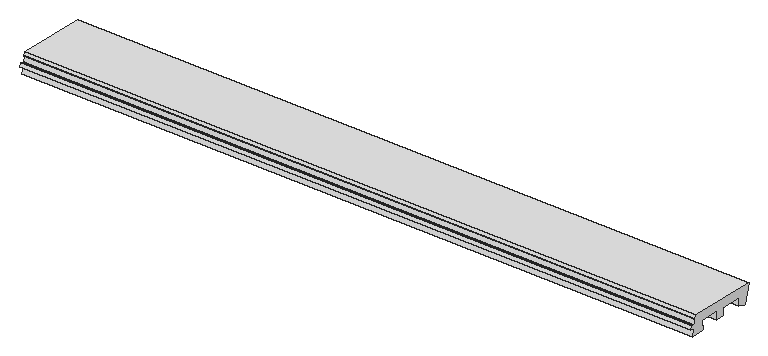
Revit family "13-MOULDING-CADS-162-PCBSILL-4-REVIT_Versatex-Generic-Model-SILL", category Generic Models, host Face, Revit 2026
Family settings
  Host = Face
  Can host rebar = No
  Round Connector Dimension = Use Diameter
  Part Type = Normal
  Cut with Voids When Loaded = No
  Maintain Annotation Orientation = No
  Shared = No
  Room Calculation Point = No
Parameters
  Model = "PCBSILL"
  Length = 4' - 0"
  Warranty = "https://versatex.com/warranty/"
  URL = "https://versatex.com/"
  Specification = "https://www.arcat.com/company/versatex-45716/spec?coid=45716"
  Sales Information = "https://versatex.com/dealer-locator/"
  Message Manufacturer = "https://versatex.com/contact/"
  Material = Versatex PVC - Smooth
  Manufacturer Website = "https://versatex.com/"
  Manufacturer Phone = "724-857-1111"
  Manufacturer Fax = "724-857-1171"
  Manufacturer Address = "400 Steel Street, Aliquippa, PA 15001"
  Manufacturer = "Versatex"
  Literature = "https://versatex.com/literature/?_sft_literature_category=cads"
  Description = "SILL"
  Default Elevation = 4' - 0"
  Copyright = "© 2024 VERSATEX Building Products, LLC"
Reference planes (in)
  plane 1 "Center (Front/Back)": y = 0
  plane 2: z = 0
  plane 3 "Center (Left/Right)": x = 0
  plane 4: x = 24
  plane 5: x = -24
Forms (in)
  Sweep 1, solid, material "Versatex PVC - Smooth" <- "Material"
    path origin (0, 0, 0) x (1, 0, 0) y (0, 1, 0)
      loop
        line (-24, 0) -> (24, 0)
    profile "Versatex_Profile_SILL : Versatex_Profile_SILL" origin (0, 0, 0) x (0, 1, 0) y (0, 0, 1)
      loop
        line (-4.85607, 0.67671) -> (-5.04469, 0.71893) -> (-5.11337, 0.51326) -> (-4.83986, 0.4533) -> (-4.95857, -0.00345) -> (-4.08442, 0.06812) -> (-4.16247, 0.68382) -> (-2.79501, 0.68771) -> (-2.79349, 0.15438) -> (-2.30849, 0.15576) -> (-2.31, 0.68409) -> (-0.80853, 0.68837) -> (-0.85372, 0.19357) -> (-0.34983, 0) -> (0, 1.274) -> (-4.69125, 1.26065) -> (-4.77052, 1.05003) -> (-4.74765, 1.02716) -> (-4.82023, 0.6995)
        arc (-4.82023, 0.6995) -> (-4.83342, 0.68067) -> (-4.85607, 0.67671) r 0.03
Dimensions and locks (in)
  "Length": plane 5 to plane 4
  equal spacing: plane 5, plane 3 "Center (Left/Right)", plane 4, locked at 24 each
  aligned and locked: plane 2 to host face
  aligned and locked: level to host face
Automatic sketch dimensions
  host sketch curve to host sketch curve = 8' - 0"  (x2)
  plane 1 "Center (Front/Back)" to Sweep 1 sketch curve = 0' - 0"
  Sweep 1 sketch curve to plane 5 = 0' - 0"
  Sweep 1 sketch curve to plane 4 = 0' - 0"
